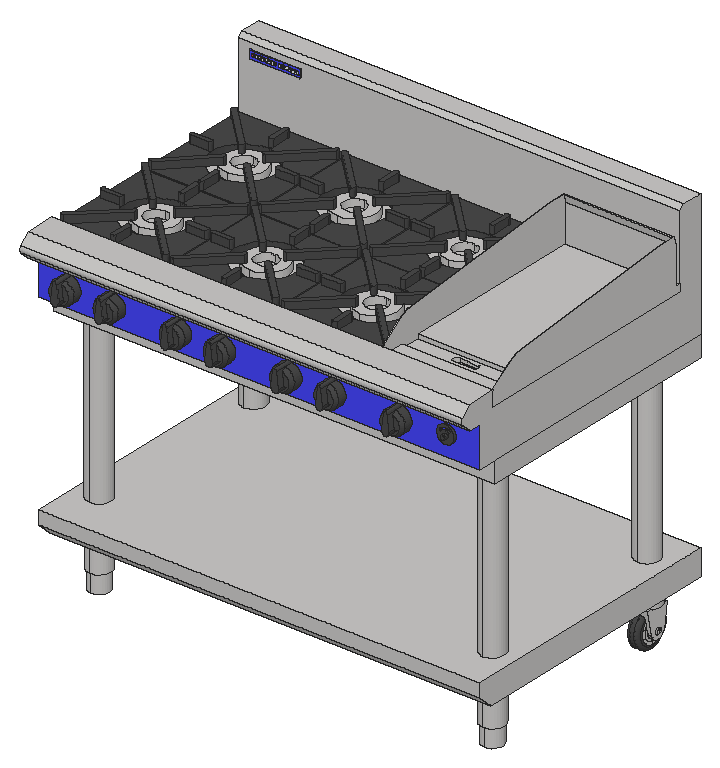
Revit family "QF_MOFFAT_BLUESEAL_CE_G518C-LS", category Specialty Equipment, Revit 2012
Parameters
  Width = 1200 mm
  Weight in Pounds = 347  # constant formula
  URL Cutsheet = "www.moffat.com"
  URL = "www.moffat.com"
  Type Mark [instance] = ""
  Status [instance] = ""
  Specification by User [instance] = ""
  Specification by Manufacturer = ""
  Show Logo [instance] = yes
  Show Casters [instance] = yes
  Serial Number = ""
  Seismic Rating = ""
  SMACNA No = ""
  Revision Code [instance] = ""
  Omniclass Number and Title = ""
  NAFEM Spec ID Number = ""
  Model = "G518C-LS"
  Mechanical Remarks = ""
  Mechanical Connection Type = ""
  Masterspec = ""
  Manufacturer = "MOFFAT BLUESEAL"
  Legs [instance] = not(Show Casters)  # no
  Item Number [instance] = ""
  Installed By [instance] = ""
  Identify Quantity as Lot [instance] = yes
  Gas Size = 3/4"
  Gas RI Height = 0 mm
  Gas KW = 52.2
  Gas Input = 178189.0 Btu/h
  Gas Connection Height = 0 mm
  Furnished By [instance] = ""
  Foodservice Equipment Identifier [instance] = yes
  Description = "1200MM GAS COOK TOP ON LEG STAND"
  Depth = 812 mm
  CSI MasterFormat = ""
  CSI Master Format = ""
  Base Height [instance] = 150 mm
Reference planes
  plane 1 "BACK": y = 0
  plane 2: z = 0
  plane 3 "LEFT": x = 0
  plane 4 "RIGHT": x = 1200
  plane 5 "FRONT": y = -812
  plane 6 "TOP": z = 970
  plane 7 "Center Y": x = 600
  plane 8 "Center X": y = -406
  plane 9 "Base Height": z = 150
  plane 10: z = 915
  plane 11: x = 1070
  plane 12: z = 1085
  plane 13: x = 65.354
  plane 14: y = -625
  plane 15: y = -100
  plane 16: z = 655
  plane 17: x = 1134.646
Forms (mm)
  Extrusion 1, solid, material "QF_Finishes_Stainless Steel"
    sketch origin (0, 0, 0) x (0, 1, 0) y (0, 0, 1)
      loop
        line (-749, 850) -> (-749, 740) -> (0, 740) -> (0, 1085) -> (-57.5, 1085) -> (-70, 1072.5) -> (-70, 875) -> (-705, 875) -> (-705, 915) -> (-783.97, 915) -> (-808.485, 890.485)
        arc (-808.485, 890.485) -> (-811.999, 882) -> (-808.485, 873.515) r 12
        line (-808.485, 873.515) -> (-784.97, 850) -> (-749, 850)
      loop
        line (0, 685) -> (0, 739.5) -> (-699, 739.5) -> (-699, 685) -> (0, 685)
      loop
        line (0, 222.5) -> (-749, 222.5) -> (-749, 186) -> (-713, 150) -> (0, 150) -> (0, 222.5)
    from 0 to 1200
  Revolve 2, solid, material "QF_Finishes_Black"
    sketch origin (90, 7, 600) x (0, 1, 0) y (0, 0, -1)
      loop
        line (-789, -229.5) -> (-766, -229.5) -> (-766, -202) -> (-756, -202) -> (-756, -197) -> (-800, -197) -> (-800, -223.651) -> (-789, -229.5)
      axis (-800, -197) -> (-756, -197)
    angle from 0 to 360
  Extrusion 3, solid, material "QF_Finishes_Black"
    sketch origin (90, -759, 797) x (0, 0, 1) y (1, 0, 0)
      loop
        arc (32.192, -4.965) -> (37.079, 0.034) -> (32.192, 5.033) r 5
        line (32.192, 5.033) -> (-10.726, 10.453)
        arc (-10.726, 10.453) -> (-22.392, 0.618) -> (-11.893, -10.454) r 10.487
        line (-11.893, -10.454) -> (32.192, -4.965)
    from 0 to -49
  Extrusion 4, solid, material "QF_Finishes_Stainless Steel"
    sketch origin (0, 0, 222.5) x (0, -1, 0) y (1, 0, 0)
      loop
        circle (100, 65) r 31.75
      loop
        circle (625, 65) r 31.75
      loop
        circle (100, 1135) r 31.75
      loop
        circle (625, 1135) r 31.75
    from 0 to 462.5
  Revolve 5, solid, material "QF_Finishes_Stainless Steel", visible <- "Legs"
    sketch origin (65.5, -166, 0) x (0, 1, 0) y (0, 0, 1)
      loop
        line (34.25, 150) -> (34.25, 50) -> (38.5, 50) -> (38.5, 0) -> (66, 0) -> (66, 150) -> (34.25, 150)
      axis (66, 150) -> (66, 0)
    angle from 0 to 360
  Revolve 6, solid, material "QF_Finishes_Stainless Steel"
    sketch origin (65.5, -735, 0) x (0, 1, 0) y (0, 0, 1)
      loop
        line (78.25, 150) -> (78.25, 50) -> (82.5, 50) -> (82.5, 0) -> (110, 0) -> (110, 150) -> (78.25, 150)
      axis (110, 150) -> (110, 0)
    angle from 0 to 360
  Revolve 7, solid, material "QF_Finishes_Stainless Steel", visible <- "Show Casters"
    sketch origin (16.276, -100.755, -12.8) x (1, 0, 0) y (0, 0, 1)
      loop
        line (14.841, 63.604) -> (83.584, 63.604) -> (83.584, 67.109) -> (82.314, 68.379) -> (80.79, 68.379) -> (80.79, 71.826) -> (68.644, 71.826) -> (68.644, 81.79) -> (65.088, 83.843) -> (63.738, 92.179) -> (65.881, 92.179) -> (65.881, 98.529) -> (65.088, 98.529) -> (65.088, 104.879)
        arc (65.088, 104.879) -> (62.298, 111.614) -> (55.563, 114.404) r 9.525
        line (55.563, 114.404) -> (42.863, 114.404)
        arc (42.863, 114.404) -> (36.127, 111.614) -> (33.338, 104.879) r 9.525
        line (33.338, 104.879) -> (33.338, 98.529) -> (32.544, 98.529) -> (32.544, 92.179) -> (34.687, 92.179) -> (33.352, 83.932) -> (29.782, 81.871) -> (29.782, 71.826) -> (17.635, 71.826) -> (17.635, 68.379) -> (16.111, 68.379) -> (14.841, 67.109) -> (14.841, 63.604)
      axis (14.841, 63.604) -> (83.584, 63.604)
    angle from 0 to 360
  Extrusion 8, solid, material "QF_Finishes_Stainless Steel", visible <- "Show Casters"
    sketch origin (72.001, 132.353, -8.783) x (0, 1, 0) y (0, 0, 1)
      loop
        line (-200.603, 118.783) -> (-264.103, 118.783) -> (-251.746, 53.895)
        arc (-251.746, 53.895) -> (-232.353, 38.783) -> (-212.959, 53.895) r 20
        line (-212.959, 53.895) -> (-200.603, 118.783)
    from -35.667 to 22.923
  Revolve 9, solid, material "QF_Finishes_Stainless Steel", visible <- "Show Casters"
    sketch origin (65.5, -204, 0) x (0, 1, 0) y (0, 0, 1)
      loop
        line (68.25, 150) -> (68.25, 110) -> (104, 110) -> (104, 150) -> (68.25, 150)
      axis (104, 150) -> (104, 110)
    angle from 0 to 360
  Revolve 10, solid, material "QF_Finishes_Stainless Steel", visible <- "Legs"
    sketch origin (65.5, -166, 0) x (0, 1, 0) y (0, 0, 1)
      loop
        line (34.25, 150) -> (34.25, 50) -> (38.5, 50) -> (38.5, 0) -> (66, 0) -> (66, 150) -> (34.25, 150)
      axis (66, 150) -> (66, 0)
    angle from 0 to 360
  Extrusion 11, solid, material "QF_Finishes_Stainless Steel"
    sketch origin (0, 0, 685) x (-1, 0, 0) y (0, 1, 0)
      loop
        circle (-1070, -32) r 6.35
    from 0 to 30
  Revolve 12, solid, material "QF_Finishes_Black"
    sketch origin (390, 7, 600) x (0, 1, 0) y (0, 0, -1)
      loop
        line (-789, -229.5) -> (-766, -229.5) -> (-766, -202) -> (-756, -202) -> (-756, -197) -> (-800, -197) -> (-800, -223.651) -> (-789, -229.5)
      axis (-800, -197) -> (-756, -197)
    angle from 0 to 360
  Extrusion 13, solid, material "QF_Finishes_Black"
    sketch origin (390, -759, 797) x (0, 0, 1) y (1, 0, 0)
      loop
        arc (32.192, -4.965) -> (37.079, 0.034) -> (32.192, 5.033) r 5
        line (32.192, 5.033) -> (-10.726, 10.453)
        arc (-10.726, 10.453) -> (-22.392, 0.618) -> (-11.893, -10.454) r 10.487
        line (-11.893, -10.454) -> (32.192, -4.965)
    from 0 to -49
  Revolve 14, solid, material "QF_Finishes_Black"
    sketch origin (690, 7, 600) x (0, 1, 0) y (0, 0, -1)
      loop
        line (-789, -229.5) -> (-766, -229.5) -> (-766, -202) -> (-756, -202) -> (-756, -197) -> (-800, -197) -> (-800, -223.651) -> (-789, -229.5)
      axis (-800, -197) -> (-756, -197)
    angle from 0 to 360
  Extrusion 15, solid, material "QF_Finishes_Black"
    sketch origin (690, -759, 797) x (0, 0, 1) y (1, 0, 0)
      loop
        arc (32.192, -4.965) -> (37.079, 0.034) -> (32.192, 5.033) r 5
        line (32.192, 5.033) -> (-10.726, 10.453)
        arc (-10.726, 10.453) -> (-22.392, 0.618) -> (-11.893, -10.454) r 10.487
        line (-11.893, -10.454) -> (32.192, -4.965)
    from 0 to -49
  Revolve 16, solid, material "QF_Finishes_Black"
    sketch origin (210, 7, 600) x (0, 1, 0) y (0, 0, -1)
      loop
        line (-789, -229.5) -> (-766, -229.5) -> (-766, -202) -> (-756, -202) -> (-756, -197) -> (-800, -197) -> (-800, -223.651) -> (-789, -229.5)
      axis (-800, -197) -> (-756, -197)
    angle from 0 to 360
  Extrusion 17, solid, material "QF_Finishes_Black"
    sketch origin (210, -759, 797) x (0, 0, 1) y (1, 0, 0)
      loop
        arc (32.192, -4.965) -> (37.079, 0.034) -> (32.192, 5.033) r 5
        line (32.192, 5.033) -> (-10.726, 10.453)
        arc (-10.726, 10.453) -> (-22.392, 0.618) -> (-11.893, -10.454) r 10.487
        line (-11.893, -10.454) -> (32.192, -4.965)
    from 0 to -49
  Revolve 18, solid, material "QF_Finishes_Stainless Steel", visible <- "Legs"
    sketch origin (1134.5, -166, 0) x (0, 1, 0) y (0, 0, -1)
      loop
        line (34.25, -150) -> (66, -150) -> (66, 0) -> (38.5, 0) -> (38.5, -50) -> (34.25, -50) -> (34.25, -150)
      axis (66, -150) -> (66, 0)
    angle from 0 to 360
  Revolve 19, solid, material "QF_Finishes_Stainless Steel"
    sketch origin (1134.5, -735, 0) x (0, 1, 0) y (0, 0, -1)
      loop
        line (78.25, -150) -> (110, -150) -> (110, 0) -> (82.5, 0) -> (82.5, -50) -> (78.25, -50) -> (78.25, -150)
      axis (110, -150) -> (110, 0)
    angle from 0 to 360
  Revolve 20, solid, material "QF_Finishes_Stainless Steel", visible <- "Show Casters"
    sketch origin (1183.724, -100.755, -12.8) x (-1, 0, 0) y (0, 0, -1)
      loop
        line (14.841, -63.604) -> (14.841, -67.109) -> (16.111, -68.379) -> (17.635, -68.379) -> (17.635, -71.826) -> (29.782, -71.826) -> (29.782, -81.871) -> (33.352, -83.932) -> (34.687, -92.179) -> (32.544, -92.179) -> (32.544, -98.529) -> (33.338, -98.529) -> (33.338, -104.879)
        arc (33.338, -104.879) -> (36.127, -111.614) -> (42.863, -114.404) r 9.525
        line (42.863, -114.404) -> (55.563, -114.404)
        arc (55.563, -114.404) -> (62.298, -111.614) -> (65.088, -104.879) r 9.525
        line (65.088, -104.879) -> (65.088, -98.529) -> (65.881, -98.529) -> (65.881, -92.179) -> (63.738, -92.179) -> (65.088, -83.843) -> (68.644, -81.79) -> (68.644, -71.826) -> (80.79, -71.826) -> (80.79, -68.379) -> (82.314, -68.379) -> (83.584, -67.109) -> (83.584, -63.604) -> (14.841, -63.604)
      axis (14.841, -63.604) -> (83.584, -63.604)
    angle from 0 to 360
  Extrusion 21, solid, material "QF_Finishes_Stainless Steel", visible <- "Show Casters"
    sketch origin (1127.999, 132.353, -8.783) x (0, 1, 0) y (0, 0, -1)
      loop
        line (-200.603, -118.783) -> (-212.959, -53.895)
        arc (-212.959, -53.895) -> (-232.353, -38.783) -> (-251.746, -53.895) r 20
        line (-251.746, -53.895) -> (-264.103, -118.783) -> (-200.603, -118.783)
    from -35.667 to 22.923
  Revolve 22, solid, material "QF_Finishes_Stainless Steel", visible <- "Show Casters"
    sketch origin (1134.5, -204, 0) x (0, 1, 0) y (0, 0, -1)
      loop
        line (68.25, -150) -> (104, -150) -> (104, -110) -> (68.25, -110) -> (68.25, -150)
      axis (104, -150) -> (104, -110)
    angle from 0 to 360
  Revolve 23, solid, material "QF_Finishes_Stainless Steel", visible <- "Legs"
    sketch origin (1134.5, -166, 0) x (0, 1, 0) y (0, 0, -1)
      loop
        line (34.25, -150) -> (66, -150) -> (66, 0) -> (38.5, 0) -> (38.5, -50) -> (34.25, -50) -> (34.25, -150)
      axis (66, -150) -> (66, 0)
    angle from 0 to 360
  Revolve 24, solid, material "QF_Finishes_Black"
    sketch origin (990, 7, 600) x (0, 1, 0) y (0, 0, -1)
      loop
        line (-789, -229.5) -> (-766, -229.5) -> (-766, -202) -> (-756, -202) -> (-756, -197) -> (-800, -197) -> (-800, -223.651) -> (-789, -229.5)
      axis (-800, -197) -> (-756, -197)
    angle from 0 to 360
  Extrusion 25, solid, material "QF_Finishes_Black"
    sketch origin (990, -759, 797) x (0, 0, 1) y (1, 0, 0)
      loop
        arc (32.192, -4.965) -> (37.079, 0.034) -> (32.192, 5.033) r 5
        line (32.192, 5.033) -> (-10.726, 10.453)
        arc (-10.726, 10.453) -> (-22.392, 0.618) -> (-11.893, -10.454) r 10.487
        line (-11.893, -10.454) -> (32.192, -4.965)
    from 0 to -49
  Revolve 26, solid, material "QF_Finishes_Black"
    sketch origin (510, 7, 600) x (0, 1, 0) y (0, 0, -1)
      loop
        line (-789, -229.5) -> (-766, -229.5) -> (-766, -202) -> (-756, -202) -> (-756, -197) -> (-800, -197) -> (-800, -223.651) -> (-789, -229.5)
      axis (-800, -197) -> (-756, -197)
    angle from 0 to 360
  Extrusion 27, solid, material "QF_Finishes_Black"
    sketch origin (510, -759, 797) x (0, 0, 1) y (1, 0, 0)
      loop
        arc (32.192, -4.965) -> (37.079, 0.034) -> (32.192, 5.033) r 5
        line (32.192, 5.033) -> (-10.726, 10.453)
        arc (-10.726, 10.453) -> (-22.392, 0.618) -> (-11.893, -10.454) r 10.487
        line (-11.893, -10.454) -> (32.192, -4.965)
    from 0 to -49
  Extrusion 28, solid, material "QF_Finishes_Black"
    sketch origin (0, -749, 850) x (0, 0, -1) y (1, 0, 0)
      loop
        circle (53, 1110) r 23.9
      loop
        arc (45.641, 1118.419) -> (46.501, 1123.219) -> (41.701, 1124.079) r 3.448
        arc (41.701, 1124.079) -> (35.116, 1109.341) -> (42.919, 1095.209) r 18.095
        arc (42.919, 1095.209) -> (47.641, 1096.491) -> (46.326, 1101.204) r 3.448
        arc (46.326, 1101.204) -> (42.758, 1109.683) -> (45.641, 1118.419) r 13.109
    from 0 to 5
  Extrusion 29, solid, material "QF_Finishes_Black"
    sketch origin (0, -754, 850) x (0, 0, -1) y (1, 0, 0)
      loop
        circle (56.5, 1110) r 5.75
    from 0 to 10
  Revolve 30, solid, material "QF_Finishes_Black"
    sketch origin (810, 7, 600) x (0, 1, 0) y (0, 0, -1)
      loop
        line (-789, -229.5) -> (-766, -229.5) -> (-766, -202) -> (-756, -202) -> (-756, -197) -> (-800, -197) -> (-800, -223.651) -> (-789, -229.5)
      axis (-800, -197) -> (-756, -197)
    angle from 0 to 360
  Extrusion 31, solid, material "QF_Finishes_Black"
    sketch origin (810, -759, 797) x (0, 0, 1) y (1, 0, 0)
      loop
        arc (32.192, -4.965) -> (37.079, 0.034) -> (32.192, 5.033) r 5
        line (32.192, 5.033) -> (-10.726, 10.453)
        arc (-10.726, 10.453) -> (-22.392, 0.618) -> (-11.893, -10.454) r 10.487
        line (-11.893, -10.454) -> (32.192, -4.965)
    from 0 to -49
Lines and regions (mm)
  Split face 1
    outline origin (0, -56.5, 1085) x (0, 1, 0) y (-1, 0, 0)
      loop
        line (11.115, -638.041) -> (11.115, -866)
        arc (11.115, -866) -> (16.115, -874.66) -> (26.115, -874.66) r 10
        line (26.115, -874.66) -> (33.115, -870.619)
        arc (33.115, -870.619) -> (36.775, -866.959) -> (38.115, -861.959) r 10
        line (38.115, -861.959) -> (38.115, -634)
        arc (38.115, -634) -> (33.115, -625.34) -> (23.115, -625.34) r 10
        line (23.115, -625.34) -> (16.115, -629.381)
        arc (16.115, -629.381) -> (12.455, -633.041) -> (11.115, -638.041) r 10
  Split face 2
    outline origin (0, -56.5, 1085) x (0, 1, 0) y (-1, 0, 0)
      loop
        line (38.115, -1151.959) -> (38.115, -924)
        arc (38.115, -924) -> (33.115, -915.34) -> (23.115, -915.34) r 10
        line (23.115, -915.34) -> (16.115, -919.381)
        arc (16.115, -919.381) -> (12.455, -923.041) -> (11.115, -928.041) r 10
        line (11.115, -928.041) -> (11.115, -1156)
        arc (11.115, -1156) -> (16.115, -1164.66) -> (26.115, -1164.66) r 10
        line (26.115, -1164.66) -> (33.115, -1160.619)
        arc (33.115, -1160.619) -> (36.775, -1156.959) -> (38.115, -1151.959) r 10
  Split face 3
    outline origin (0, -56.5, 1085) x (0, 1, 0) y (-1, 0, 0)
      loop
        line (11.115, -48.041) -> (11.115, -276)
        arc (11.115, -276) -> (16.115, -284.66) -> (26.115, -284.66) r 10
        line (26.115, -284.66) -> (33.115, -280.619)
        arc (33.115, -280.619) -> (36.775, -276.959) -> (38.115, -271.959) r 10
        line (38.115, -271.959) -> (38.115, -44)
        arc (38.115, -44) -> (33.115, -35.34) -> (23.115, -35.34) r 10
        line (23.115, -35.34) -> (16.115, -39.381)
        arc (16.115, -39.381) -> (12.455, -43.041) -> (11.115, -48.041) r 10
  Split face 4
    outline origin (0, -56.5, 1085) x (0, 1, 0) y (-1, 0, 0)
      loop
        arc (38.115, -344) -> (33.115, -335.34) -> (23.115, -335.34) r 10
        line (23.115, -335.34) -> (16.115, -339.381)
        arc (16.115, -339.381) -> (12.455, -343.041) -> (11.115, -348.041) r 10
        line (11.115, -348.041) -> (11.115, -576)
        arc (11.115, -576) -> (16.115, -584.66) -> (26.115, -584.66) r 10
        line (26.115, -584.66) -> (33.115, -580.619)
        arc (33.115, -580.619) -> (36.775, -576.959) -> (38.115, -571.959) r 10
        line (38.115, -571.959) -> (38.115, -344)
  symbolic lines, style "SpecialityEquipmentHiddenLines", visible <- "Show Casters"
    curve 1: line (78.456, -46.735, 0) -> (105.952, -62.61, 0)
    curve 2: line (27.656, -134.723, 0) -> (78.456, -46.735, 0)
    curve 3: line (55.152, -150.598, 0) -> (27.656, -134.723, 0)
    curve 4: line (105.952, -62.61, 0) -> (55.152, -150.598, 0)
    curve 5: line (1148.456, -46.735, 0) -> (1175.952, -62.61, 0)
    curve 6: line (1097.656, -134.723, 0) -> (1148.456, -46.735, 0)
    curve 7: line (1125.152, -150.598, 0) -> (1097.656, -134.723, 0)
    curve 8: line (1175.952, -62.61, 0) -> (1125.152, -150.598, 0)
  symbolic lines
    curve 9: line (0, -783.97, 0) -> (1200, -783.97, 0)
    curve 10: line (0, 0, 0) -> (0, -811.999, 0)
    curve 11: line (1200, -811.999, 0) -> (1200, 0, 0)
    curve 12: line (1200, -811.999, 0) -> (0, -811.999, 0)
    curve 13: line (0, -70, 0) -> (1200, -70, 0)
    curve 14: line (0, -57.5, 0) -> (1200, -57.5, 0)
    curve 15: line (1200, 0, 0) -> (0, 0, 0)
    curve 16: line (271.959, -18.385, 0) -> (44, -18.385, 0)
    curve 17: arc (44, -18.385, 0) -> (35.34, -23.385, 0) -> (35.34, -33.385, 0) r 10
    curve 18: line (35.34, -33.385, 0) -> (39.381, -40.385, 0)
    curve 19: arc (39.381, -40.385, 0) -> (43.041, -44.045, 0) -> (48.041, -45.385, 0) r 10
    curve 20: line (48.041, -45.385, 0) -> (276, -45.385, 0)
    curve 21: arc (276, -45.385, 0) -> (284.66, -40.385, 0) -> (284.66, -30.385, 0) r 10
    curve 22: line (284.66, -30.385, 0) -> (280.619, -23.385, 0)
    curve 23: arc (280.619, -23.385, 0) -> (276.959, -19.725, 0) -> (271.959, -18.385, 0) r 10
    curve 24: line (0, -705, 0) -> (1200, -705, 0)
    curve 25: line (571.959, -18.385, 0) -> (344, -18.385, 0)
    curve 26: arc (344, -18.385, 0) -> (335.34, -23.385, 0) -> (335.34, -33.385, 0) r 10
    curve 27: line (335.34, -33.385, 0) -> (339.381, -40.385, 0)
    curve 28: arc (339.381, -40.385, 0) -> (343.041, -44.045, 0) -> (348.041, -45.385, 0) r 10
    curve 29: line (348.041, -45.385, 0) -> (576, -45.385, 0)
    curve 30: arc (576, -45.385, 0) -> (584.66, -40.385, 0) -> (584.66, -30.385, 0) r 10
    curve 31: line (584.66, -30.385, 0) -> (580.619, -23.385, 0)
    curve 32: arc (580.619, -23.385, 0) -> (576.959, -19.725, 0) -> (571.959, -18.385, 0) r 10
    curve 33: line (861.959, -18.385, 0) -> (634, -18.385, 0)
    curve 34: arc (634, -18.385, 0) -> (625.34, -23.385, 0) -> (625.34, -33.385, 0) r 10
    curve 35: line (625.34, -33.385, 0) -> (629.381, -40.385, 0)
    curve 36: arc (629.381, -40.385, 0) -> (633.041, -44.045, 0) -> (638.041, -45.385, 0) r 10
    curve 37: line (638.041, -45.385, 0) -> (866, -45.385, 0)
    curve 38: arc (866, -45.385, 0) -> (874.66, -40.385, 0) -> (874.66, -30.385, 0) r 10
    curve 39: line (874.66, -30.385, 0) -> (870.619, -23.385, 0)
    curve 40: arc (870.619, -23.385, 0) -> (866.959, -19.725, 0) -> (861.959, -18.385, 0) r 10
    curve 41: line (924, -18.385, 0) -> (1151.959, -18.385, 0)
    curve 42: arc (1151.959, -18.385, 0) -> (1156.959, -19.725, 0) -> (1160.619, -23.385, 0) r 10
    curve 43: line (1160.619, -23.385, 0) -> (1164.66, -30.385, 0)
    curve 44: arc (1164.66, -30.385, 0) -> (1164.66, -40.385, 0) -> (1156, -45.385, 0) r 10
    curve 45: line (1156, -45.385, 0) -> (928.041, -45.385, 0)
    curve 46: arc (928.041, -45.385, 0) -> (923.041, -44.045, 0) -> (919.381, -40.385, 0) r 10
    curve 47: line (919.381, -40.385, 0) -> (915.34, -33.385, 0)
    curve 48: arc (915.34, -33.385, 0) -> (915.34, -23.385, 0) -> (924, -18.385, 0) r 10
Dimensions and locks
  equal spacing: plane 3 "LEFT", plane 7 "Center Y", plane 4 "RIGHT"
  "Width": plane 3 "LEFT" to plane 4 "RIGHT"
  equal spacing: plane 5 "FRONT", plane 8 "Center X", plane 1 "BACK"
  "Depth": plane 5 "FRONT" to plane 1 "BACK"
  equal spacing: plane 4 "RIGHT", plane 7 "Center Y", plane 3 "LEFT"
  plane 4 "RIGHT" to plane 3 "LEFT" = 1200 mm
  plane 5 "FRONT" to plane 1 "BACK" = 812 mm
  "Base Height": plane 9 "Base Height" to level
  plane 6 "TOP" to level = 970 mm
  plane 10 to level = 915 mm
  plane 11 to plane 4 "RIGHT" = 130 mm
  plane 12 to plane 2 = 1085 mm
  Revolve 7 sketch curve to Revolve 7 sketch curve = 50.8 mm
  plane 15 to plane 14 = 525 mm
  plane 16 to plane 2 = 655 mm
  Extrusion 11 sketch curve to plane 1 "BACK" = 32 mm
  Revolve 20 sketch curve to Revolve 20 sketch curve = 50.8 mm
  aligned and locked: level to plane 2
Automatic sketch dimensions
  curve 10 to plane 3 "LEFT" = 0 mm
  curve 24 to plane 4 "RIGHT" = 0 mm
  plane 1 "BACK" to curve 15 = 0 mm
  plane 3 "LEFT" to curve 3 = 27.656 mm
  plane 13 to curve 18 = 30.014 mm
  curve 17 to curve 19 = 4.041 mm
  curve 17 to curve 17 = 8.66 mm
  curve 18 to curve 20 = 8.66 mm
  plane 13 to curve 3 = 10.202 mm
  curve 1 to plane 13 = 13.102 mm
  plane 1 "BACK" to curve 16 = 18.385 mm
  curve 1 to curve 16 = 166.007 mm
  curve 23 to curve 21 = 4.041 mm
  curve 23 to curve 23 = 8.66 mm
  plane 1 "BACK" to curve 22 = 30.385 mm
  curve 23 to curve 22 = 4.041 mm
  curve 22 to curve 26 = 50.679 mm
  plane 1 "BACK" to curve 27 = 40.385 mm
  curve 27 to curve 27 = 4.041 mm
  curve 26 to curve 26 = 8.66 mm
  curve 26 to curve 28 = 4.041 mm
  curve 32 to plane 7 "Center Y" = 28.041 mm
  curve 32 to curve 29 = 4.041 mm
  curve 32 to curve 31 = 8.66 mm
  curve 32 to curve 30 = 4.041 mm
  plane 7 "Center Y" to curve 35 = 25.34 mm
  curve 35 to curve 35 = 4.041 mm
  curve 34 to curve 34 = 8.66 mm
  curve 35 to curve 37 = 8.66 mm
  plane 1 "BACK" to curve 33 = 18.385 mm
  curve 33 to plane 11 = 208.041 mm
  curve 40 to curve 37 = 4.041 mm
  plane 1 "BACK" to curve 39 = 23.385 mm
  curve 33 to curve 39 = 8.66 mm
  plane 1 "BACK" to curve 39 = 30.385 mm
  curve 39 to curve 39 = 4.041 mm
  curve 38 to curve 48 = 40.679 mm
  plane 1 "BACK" to curve 47 = 40.385 mm
  curve 47 to curve 47 = 4.041 mm
  curve 48 to curve 48 = 8.66 mm
  curve 47 to curve 46 = 8.66 mm
  plane 11 to curve 6 = 27.656 mm
  curve 7 to plane 17 = 9.494 mm
  plane 17 to curve 6 = 13.809 mm
  plane 17 to curve 41 = 17.312 mm
  curve 42 to curve 44 = 4.041 mm
  curve 42 to curve 43 = 8.66 mm
  curve 42 to curve 43 = 4.041 mm
  curve 19 to curve 16 = 22 mm
  plane 1 "BACK" to curve 30 = 45.385 mm
  curve 21 to curve 21 = 15 mm
  plane 1 "BACK" to curve 44 = 45.385 mm
  curve 38 to curve 39 = 15 mm
  curve 2 to curve 19 = 1.35 mm
  curve 5 to curve 45 = 1.35 mm
  curve 14 to plane 15 = 42.5 mm
  curve 8 to curve 14 = 5.11 mm
  curve 4 to curve 1 = 15.875 mm
  curve 13 to curve 14 = 12.5 mm
  plane 14 to curve 24 = 80 mm
  curve 9 to plane 5 "FRONT" = 28.03 mm
  curve 10 to plane 5 "FRONT" = 0.001 mm
  curve 37 to curve 35 = 5 mm
  curve 45 to curve 44 = 10 mm
  curve 29 to curve 30 = 10 mm
  curve 18 to curve 17 = 7 mm
  curve 46 to curve 47 = 7 mm
  curve 28 to curve 26 = 7 mm  (x2)
  curve 36 to curve 35 = 7 mm
  curve 46 to curve 48 = 7 mm
  curve 44 to curve 42 = 7 mm
  curve 30 to curve 32 = 7 mm
  curve 21 to curve 23 = 7 mm
  plane 10 to Extrusion 1 sketch curve = 0 mm
  Extrusion 1 sketch curve to plane 9 "Base Height" = 0 mm
  plane 12 to Extrusion 1 sketch curve = 0 mm
  Extrusion 1 sketch curve to plane 1 "BACK" = 0 mm  (x3)
  Extrusion 1 sketch curve to plane 15 = 42.5 mm
  plane 12 to Extrusion 1 sketch curve = 12.5 mm
  Extrusion 1 sketch curve to Extrusion 1 sketch curve = 12.5 mm
  plane 16 to Extrusion 1 sketch curve = 30 mm
  plane 14 to Extrusion 1 sketch curve = 74 mm
  plane 14 to Extrusion 1 sketch curve = 80 mm
  plane 14 to Extrusion 1 sketch curve = 88 mm
  Extrusion 1 sketch curve to Extrusion 1 sketch curve = 44 mm
  Extrusion 1 sketch curve to Extrusion 1 sketch curve = 36 mm
  Extrusion 1 sketch curve to plane 5 "FRONT" = 28.03 mm
  Extrusion 1 sketch curve to plane 5 "FRONT" = 27.03 mm
  Extrusion 1 sketch curve to plane 5 "FRONT" = 12.001 mm
  Extrusion 1 sketch curve to plane 5 "FRONT" = 3.515 mm  (x2)
  plane 9 "Base Height" to Extrusion 1 sketch curve = 36 mm
  plane 9 "Base Height" to Extrusion 1 sketch curve = 72.5 mm
  Extrusion 1 sketch curve to Extrusion 1 sketch curve = 54.5 mm
  Extrusion 1 sketch curve to Extrusion 1 sketch curve = 0.5 mm
  plane 10 to Extrusion 1 sketch curve = 65 mm
  Extrusion 1 sketch curve to Extrusion 1 sketch curve = 23.515 mm
  plane 10 to Extrusion 1 sketch curve = 40 mm
  Extrusion 1 sketch curve to Extrusion 1 sketch curve = 8.485 mm
  Revolve 2 sketch curve to plane 5 "FRONT" = 19 mm
  Revolve 2 sketch curve to Revolve 2 sketch curve = 0 mm  (x2)
  Revolve 2 sketch curve to Revolve 2 sketch curve = 11 mm
  Revolve 2 sketch curve to Revolve 2 sketch curve = 12.7 mm
  Revolve 2 sketch curve to Revolve 2 sketch curve = 23 mm
  Revolve 2 sketch curve to Revolve 2 sketch curve = 10 mm
  plane 10 to Revolve 2 sketch curve = 85.5 mm
  Revolve 2 sketch curve to Revolve 2 sketch curve = 5.849 mm
  Revolve 2 sketch curve to Revolve 2 sketch curve = 27.5 mm
  Revolve 2 sketch curve to Revolve 2 sketch curve = 5 mm
  Extrusion 3 sketch curve to Revolve 2 = 0.034 mm  (x2)
  Revolve 2 to Extrusion 3 sketch curve = 10.454 mm
  Extrusion 3 sketch curve to Extrusion 3 sketch curve = 0.028 mm
  Extrusion 3 sketch curve to Revolve 2 = 10.453 mm
  Extrusion 3 sketch curve to Extrusion 3 sketch curve = 44 mm
  Extrusion 3 sketch curve to Revolve 2 = 5.033 mm
  Extrusion 3 sketch curve to Extrusion 3 sketch curve = 0.113 mm
  Revolve 2 to Extrusion 3 sketch curve = 4.965 mm
  Extrusion 4 sketch curve to Extrusion 4 sketch curve = 0 mm  (x8)
  Extrusion 1 to Extrusion 4 sketch curve = 68.25 mm  (x2)
  Extrusion 4 sketch curve to Extrusion 4 sketch curve = 31.75 mm  (x4)
  Extrusion 4 sketch curve to Extrusion 1 = 155.75 mm  (x2)
  Extrusion 1 to Extrusion 4 sketch curve = 65 mm  (x4)
  Revolve 5 sketch curve to plane 9 "Base Height" = 0 mm
  Revolve 5 sketch curve to level = 0 mm
  Revolve 5 sketch curve to plane 15 = 0 mm  (x2)
  plane 15 to Revolve 5 sketch curve = 27.5 mm
  plane 15 to Revolve 5 sketch curve = 31.75 mm
  Revolve 5 sketch curve to Revolve 5 sketch curve = 55 mm
  level to Revolve 5 sketch curve = 50 mm
  Revolve 5 sketch curve to Revolve 5 sketch curve = 0 mm
  Revolve 6 sketch curve to plane 9 "Base Height" = 0 mm
  Revolve 6 sketch curve to level = 0 mm
  Revolve 6 sketch curve to plane 14 = 0 mm  (x2)
  Revolve 6 sketch curve to Revolve 6 sketch curve = 27.5 mm
  Revolve 6 sketch curve to Revolve 6 sketch curve = 31.75 mm
  Revolve 6 sketch curve to Revolve 6 sketch curve = 55 mm
  level to Revolve 6 sketch curve = 50 mm
  Revolve 6 sketch curve to Revolve 6 sketch curve = 0 mm
  plane 3 "LEFT" to Revolve 7 sketch curve = 31.118 mm
  Revolve 7 sketch curve to Revolve 7 sketch curve = 1.27 mm  (x4)
  Revolve 7 sketch curve to Revolve 7 sketch curve = 1.524 mm  (x2)
  Revolve 7 sketch curve to Revolve 7 sketch curve = 12.146 mm  (x2)
  plane 13 to Revolve 7 sketch curve = 16.533 mm
  Revolve 7 sketch curve to Revolve 7 sketch curve = 0.794 mm  (x2)
  Revolve 7 sketch curve to Revolve 7 sketch curve = 3.57 mm
  Revolve 7 sketch curve to Revolve 7 sketch curve = 2.143 mm
  plane 13 to Revolve 7 sketch curve = 6.215 mm
  Revolve 7 sketch curve to plane 13 = 5.276 mm
  Revolve 7 sketch curve to plane 13 = 6.485 mm
  Revolve 7 sketch curve to plane 13 = 14.661 mm
  Revolve 7 sketch curve to Revolve 7 sketch curve = 1.349 mm  (x2)
  Revolve 7 sketch curve to Revolve 7 sketch curve = 3.556 mm
  Revolve 7 sketch curve to Revolve 7 sketch curve = 33.32 mm
  level to Revolve 7 sketch curve = 50.804 mm
  Revolve 7 sketch curve to Revolve 7 sketch curve = 0 mm
  Revolve 7 sketch curve to Revolve 7 sketch curve = 3.505 mm  (x2)
  Revolve 7 sketch curve to Revolve 7 sketch curve = 3.447 mm  (x2)
  Revolve 7 sketch curve to Revolve 7 sketch curve = 9.964 mm
  Revolve 7 sketch curve to Revolve 7 sketch curve = 10.045 mm
  Revolve 7 sketch curve to Revolve 7 sketch curve = 2.053 mm
  Revolve 7 sketch curve to Revolve 7 sketch curve = 2.061 mm
  Revolve 7 sketch curve to Revolve 7 sketch curve = 8.247 mm
  Revolve 7 sketch curve to Revolve 7 sketch curve = 8.336 mm
  Revolve 7 sketch curve to Revolve 7 sketch curve = 6.35 mm  (x2)
  Extrusion 8 sketch curve to plane 15 = 0 mm
  plane 15 to Extrusion 8 sketch curve = 19.393 mm
  plane 15 to Extrusion 8 sketch curve = 31.75 mm
  Extrusion 8 sketch curve to plane 15 = 19.393 mm
  Extrusion 8 sketch curve to plane 15 = 31.75 mm
  level to Extrusion 8 sketch curve = 45.111 mm
  Extrusion 8 sketch curve to Extrusion 8 sketch curve = 4.889 mm
  Extrusion 8 sketch curve to plane 9 "Base Height" = 40 mm
  Revolve 9 sketch curve to plane 9 "Base Height" = 0 mm
  Revolve 9 sketch curve to plane 15 = 0 mm  (x2)
  plane 15 to Revolve 9 sketch curve = 35.75 mm
  Revolve 9 sketch curve to Revolve 9 sketch curve = 40 mm
  level to Revolve 9 sketch curve = 50 mm
  Revolve 9 sketch curve to level = 55 mm
  Revolve 10 sketch curve to plane 9 "Base Height" = 0 mm
  Revolve 10 sketch curve to level = 0 mm
  Revolve 10 sketch curve to plane 15 = 0 mm  (x2)
  plane 15 to Revolve 10 sketch curve = 27.5 mm
  plane 15 to Revolve 10 sketch curve = 31.75 mm
  Revolve 10 sketch curve to Revolve 10 sketch curve = 55 mm
  level to Revolve 10 sketch curve = 50 mm
  Revolve 10 sketch curve to Revolve 10 sketch curve = 0 mm
  Extrusion 11 sketch curve to Extrusion 11 sketch curve = 0 mm
  Extrusion 11 sketch curve to Extrusion 1 = 38.35 mm
  Extrusion 11 sketch curve to Extrusion 1 = 130 mm
  Split face 1 sketch curve to Extrusion 1 = 12.115 mm
  Split face 1 sketch curve to Split face 1 sketch curve = 5 mm  (x3)
  Split face 1 sketch curve to Split face 1 sketch curve = 10 mm  (x2)
  Split face 1 sketch curve to Split face 1 sketch curve = 7 mm  (x4)
  Split face 1 sketch curve to Extrusion 1 = 325.34 mm
  Split face 1 sketch curve to Split face 1 sketch curve = 4.041 mm  (x2)
  Split face 1 sketch curve to Split face 1 sketch curve = 223.917 mm
  Split face 2 sketch curve to Extrusion 1 = 12.115 mm
  Split face 2 sketch curve to Split face 2 sketch curve = 5 mm  (x3)
  Split face 2 sketch curve to Split face 2 sketch curve = 10 mm  (x2)
  Split face 2 sketch curve to Split face 2 sketch curve = 7 mm  (x4)
  Split face 2 sketch curve to Extrusion 1 = 35.34 mm
  Split face 2 sketch curve to Split face 2 sketch curve = 4.041 mm  (x2)
  Split face 2 sketch curve to Split face 2 sketch curve = 223.917 mm
  Split face 3 sketch curve to Extrusion 1 = 12.115 mm
  Split face 3 sketch curve to Split face 3 sketch curve = 5 mm  (x3)
  Split face 3 sketch curve to Split face 3 sketch curve = 10 mm  (x2)
  Split face 3 sketch curve to Split face 3 sketch curve = 7 mm  (x4)
  Split face 3 sketch curve to Extrusion 1 = 284.66 mm
  Split face 3 sketch curve to Split face 3 sketch curve = 4.041 mm  (x2)
  Split face 3 sketch curve to Extrusion 1 = 48.041 mm
  Revolve 12 sketch curve to plane 5 "FRONT" = 19 mm
  Revolve 12 sketch curve to Revolve 12 sketch curve = 0 mm  (x2)
  Revolve 12 sketch curve to Revolve 12 sketch curve = 11 mm
  Revolve 12 sketch curve to Revolve 12 sketch curve = 12.7 mm
  Revolve 12 sketch curve to Revolve 12 sketch curve = 23 mm
  Revolve 12 sketch curve to Revolve 12 sketch curve = 10 mm
  plane 10 to Revolve 12 sketch curve = 85.5 mm
  Revolve 12 sketch curve to Revolve 12 sketch curve = 5.849 mm
  Revolve 12 sketch curve to Revolve 12 sketch curve = 27.5 mm
  Revolve 12 sketch curve to Revolve 12 sketch curve = 5 mm
  Extrusion 13 sketch curve to Revolve 12 = 0.034 mm  (x2)
  Revolve 12 to Extrusion 13 sketch curve = 10.454 mm
  Extrusion 13 sketch curve to Extrusion 13 sketch curve = 0.028 mm
  Extrusion 13 sketch curve to Revolve 12 = 10.453 mm
  Extrusion 13 sketch curve to Extrusion 13 sketch curve = 44 mm
  Extrusion 13 sketch curve to Revolve 12 = 5.033 mm
  Extrusion 13 sketch curve to Extrusion 13 sketch curve = 0.113 mm
  Revolve 12 to Extrusion 13 sketch curve = 4.965 mm
  Revolve 14 sketch curve to plane 5 "FRONT" = 19 mm
  Revolve 14 sketch curve to Revolve 14 sketch curve = 0 mm  (x2)
  Revolve 14 sketch curve to Revolve 14 sketch curve = 11 mm
  Revolve 14 sketch curve to Revolve 14 sketch curve = 12.7 mm
  Revolve 14 sketch curve to Revolve 14 sketch curve = 23 mm
  Revolve 14 sketch curve to Revolve 14 sketch curve = 10 mm
  plane 10 to Revolve 14 sketch curve = 85.5 mm
  Revolve 14 sketch curve to Revolve 14 sketch curve = 5.849 mm
  Revolve 14 sketch curve to Revolve 14 sketch curve = 27.5 mm
  Revolve 14 sketch curve to Revolve 14 sketch curve = 5 mm
  Extrusion 15 sketch curve to Revolve 14 = 0.034 mm  (x2)
  Revolve 14 to Extrusion 15 sketch curve = 10.454 mm
  Extrusion 15 sketch curve to Extrusion 15 sketch curve = 0.028 mm
  Extrusion 15 sketch curve to Revolve 14 = 10.453 mm
  Extrusion 15 sketch curve to Extrusion 15 sketch curve = 44 mm
  Extrusion 15 sketch curve to Revolve 14 = 5.033 mm
  Extrusion 15 sketch curve to Extrusion 15 sketch curve = 0.113 mm
  Revolve 14 to Extrusion 15 sketch curve = 4.965 mm
  Revolve 16 sketch curve to plane 5 "FRONT" = 19 mm
  Revolve 16 sketch curve to Revolve 16 sketch curve = 0 mm  (x2)
  Revolve 16 sketch curve to Revolve 16 sketch curve = 11 mm
  Revolve 16 sketch curve to Revolve 16 sketch curve = 12.7 mm
  Revolve 16 sketch curve to Revolve 16 sketch curve = 23 mm
  Revolve 16 sketch curve to Revolve 16 sketch curve = 10 mm
  plane 10 to Revolve 16 sketch curve = 85.5 mm
  Revolve 16 sketch curve to Revolve 16 sketch curve = 5.849 mm
  Revolve 16 sketch curve to Revolve 16 sketch curve = 27.5 mm
  Revolve 16 sketch curve to Revolve 16 sketch curve = 5 mm
  Extrusion 17 sketch curve to Revolve 16 = 0.034 mm  (x2)
  Revolve 16 to Extrusion 17 sketch curve = 10.454 mm
  Extrusion 17 sketch curve to Extrusion 17 sketch curve = 0.028 mm
  Extrusion 17 sketch curve to Revolve 16 = 10.453 mm
  Extrusion 17 sketch curve to Extrusion 17 sketch curve = 44 mm
  Extrusion 17 sketch curve to Revolve 16 = 5.033 mm
  Extrusion 17 sketch curve to Extrusion 17 sketch curve = 0.113 mm
  Revolve 16 to Extrusion 17 sketch curve = 4.965 mm
  Revolve 18 sketch curve to plane 9 "Base Height" = 0 mm
  Revolve 18 sketch curve to level = 0 mm
  Revolve 18 sketch curve to plane 15 = 0 mm  (x2)
  plane 15 to Revolve 18 sketch curve = 27.5 mm
  plane 15 to Revolve 18 sketch curve = 31.75 mm
  level to Revolve 18 sketch curve = 50 mm
  Revolve 18 sketch curve to Revolve 18 sketch curve = 0 mm
  Revolve 18 sketch curve to Revolve 18 sketch curve = 55 mm
  Revolve 19 sketch curve to plane 9 "Base Height" = 0 mm
  Revolve 19 sketch curve to level = 0 mm
  Revolve 19 sketch curve to plane 14 = 0 mm  (x2)
  Revolve 19 sketch curve to Revolve 19 sketch curve = 27.5 mm
  Revolve 19 sketch curve to Revolve 19 sketch curve = 31.75 mm
  level to Revolve 19 sketch curve = 50 mm
  Revolve 19 sketch curve to Revolve 19 sketch curve = 0 mm
  Revolve 19 sketch curve to Revolve 19 sketch curve = 55 mm
  plane 4 "RIGHT" to Revolve 20 sketch curve = 31.118 mm
  Revolve 20 sketch curve to Revolve 20 sketch curve = 1.27 mm  (x4)
  Revolve 20 sketch curve to Revolve 20 sketch curve = 1.524 mm  (x2)
  Revolve 20 sketch curve to Revolve 20 sketch curve = 12.146 mm  (x2)
  plane 17 to Revolve 20 sketch curve = 16.533 mm
  Revolve 20 sketch curve to Revolve 20 sketch curve = 0.794 mm  (x2)
  Revolve 20 sketch curve to Revolve 20 sketch curve = 3.57 mm
  Revolve 20 sketch curve to Revolve 20 sketch curve = 2.143 mm
  plane 17 to Revolve 20 sketch curve = 6.215 mm
  Revolve 20 sketch curve to plane 17 = 5.276 mm
  Revolve 20 sketch curve to plane 17 = 6.485 mm
  Revolve 20 sketch curve to plane 17 = 14.661 mm
  Revolve 20 sketch curve to Revolve 20 sketch curve = 1.349 mm  (x2)
  Revolve 20 sketch curve to Revolve 20 sketch curve = 3.556 mm
  Revolve 20 sketch curve to plane 11 = 3.18 mm
  Revolve 20 sketch curve to plane 9 "Base Height" = 48.396 mm
  Revolve 20 sketch curve to Revolve 20 sketch curve = 6.35 mm  (x4)
  Revolve 20 sketch curve to Revolve 20 sketch curve = 8.247 mm
  Revolve 20 sketch curve to Revolve 20 sketch curve = 8.336 mm
  Revolve 20 sketch curve to Revolve 20 sketch curve = 2.061 mm
  Revolve 20 sketch curve to Revolve 20 sketch curve = 2.053 mm
  Revolve 20 sketch curve to Revolve 20 sketch curve = 10.045 mm
  Revolve 20 sketch curve to Revolve 20 sketch curve = 9.964 mm
  Revolve 20 sketch curve to Revolve 20 sketch curve = 3.447 mm  (x2)
  Revolve 20 sketch curve to Revolve 20 sketch curve = 3.505 mm
  Extrusion 21 sketch curve to plane 15 = 0 mm
  plane 15 to Extrusion 21 sketch curve = 19.393 mm
  plane 15 to Extrusion 21 sketch curve = 31.75 mm
  Extrusion 21 sketch curve to plane 15 = 19.393 mm
  Extrusion 21 sketch curve to plane 15 = 31.75 mm
  Extrusion 21 sketch curve to plane 9 "Base Height" = 40 mm
  level to Extrusion 21 sketch curve = 50 mm
  Extrusion 21 sketch curve to Extrusion 21 sketch curve = 4.889 mm
  Revolve 22 sketch curve to plane 9 "Base Height" = 0 mm
  Revolve 22 sketch curve to plane 15 = 0 mm  (x2)
  plane 15 to Revolve 22 sketch curve = 35.75 mm
  Revolve 22 sketch curve to Revolve 22 sketch curve = 40 mm
  level to Revolve 22 sketch curve = 50 mm
  Revolve 22 sketch curve to level = 55 mm
  Revolve 23 sketch curve to plane 9 "Base Height" = 0 mm
  Revolve 23 sketch curve to level = 0 mm
  Revolve 23 sketch curve to plane 15 = 0 mm  (x2)
  plane 15 to Revolve 23 sketch curve = 27.5 mm
  plane 15 to Revolve 23 sketch curve = 31.75 mm
  level to Revolve 23 sketch curve = 50 mm
  Revolve 23 sketch curve to Revolve 23 sketch curve = 0 mm
  Revolve 23 sketch curve to Revolve 23 sketch curve = 55 mm
  Split face 4 sketch curve to Extrusion 1 = 12.115 mm
  Split face 4 sketch curve to Split face 4 sketch curve = 5 mm  (x4)
  Split face 4 sketch curve to Split face 4 sketch curve = 10 mm
  Split face 4 sketch curve to Split face 4 sketch curve = 7 mm  (x4)
  Split face 4 sketch curve to Extrusion 1 = 584.66 mm
  Split face 4 sketch curve to Split face 4 sketch curve = 4.041 mm  (x2)
  Split face 4 sketch curve to Split face 4 sketch curve = 223.917 mm
  Revolve 24 sketch curve to plane 5 "FRONT" = 19 mm
  Revolve 24 sketch curve to Revolve 24 sketch curve = 0 mm  (x2)
  Revolve 24 sketch curve to Revolve 24 sketch curve = 11 mm
  Revolve 24 sketch curve to Revolve 24 sketch curve = 12.7 mm
  Revolve 24 sketch curve to Revolve 24 sketch curve = 23 mm
  Revolve 24 sketch curve to Revolve 24 sketch curve = 10 mm
  plane 10 to Revolve 24 sketch curve = 85.5 mm
  Revolve 24 sketch curve to Revolve 24 sketch curve = 5.849 mm
  Revolve 24 sketch curve to Revolve 24 sketch curve = 27.5 mm
  Revolve 24 sketch curve to Revolve 24 sketch curve = 5 mm
  Extrusion 25 sketch curve to Revolve 24 = 0.034 mm  (x2)
  Revolve 24 to Extrusion 25 sketch curve = 10.454 mm
  Extrusion 25 sketch curve to Extrusion 25 sketch curve = 0.028 mm
  Extrusion 25 sketch curve to Revolve 24 = 10.453 mm
  Extrusion 25 sketch curve to Extrusion 25 sketch curve = 44 mm
  Extrusion 25 sketch curve to Revolve 24 = 5.033 mm
  Extrusion 25 sketch curve to Extrusion 25 sketch curve = 0.113 mm
  Revolve 24 to Extrusion 25 sketch curve = 4.965 mm
  Revolve 26 sketch curve to plane 5 "FRONT" = 19 mm
  Revolve 26 sketch curve to Revolve 26 sketch curve = 0 mm  (x2)
  Revolve 26 sketch curve to Revolve 26 sketch curve = 11 mm
  Revolve 26 sketch curve to Revolve 26 sketch curve = 12.7 mm
  Revolve 26 sketch curve to Revolve 26 sketch curve = 23 mm
  Revolve 26 sketch curve to Revolve 26 sketch curve = 10 mm
  plane 10 to Revolve 26 sketch curve = 85.5 mm
  Revolve 26 sketch curve to Revolve 26 sketch curve = 5.849 mm
  Revolve 26 sketch curve to Revolve 26 sketch curve = 27.5 mm
  Revolve 26 sketch curve to Revolve 26 sketch curve = 5 mm
  Extrusion 27 sketch curve to Revolve 26 = 0.034 mm  (x2)
  Revolve 26 to Extrusion 27 sketch curve = 10.454 mm
  Extrusion 27 sketch curve to Extrusion 27 sketch curve = 0.028 mm
  Extrusion 27 sketch curve to Revolve 26 = 10.453 mm
  Extrusion 27 sketch curve to Extrusion 27 sketch curve = 44 mm
  Extrusion 27 sketch curve to Revolve 26 = 5.033 mm
  Extrusion 27 sketch curve to Extrusion 27 sketch curve = 0.113 mm
  Revolve 26 to Extrusion 27 sketch curve = 4.965 mm
  Extrusion 28 sketch curve to plane 17 = 10.567 mm
  plane 10 to Extrusion 28 sketch curve = 106.701 mm
  Extrusion 28 sketch curve to Extrusion 28 sketch curve = 1.218 mm
  Extrusion 28 sketch curve to Extrusion 28 sketch curve = 1.97 mm  (x2)
  Extrusion 28 sketch curve to Extrusion 28 sketch curve = 1.724 mm
  Extrusion 28 sketch curve to Extrusion 28 sketch curve = 1.683 mm
  Extrusion 28 sketch curve to Extrusion 28 sketch curve = 6.674 mm
  Extrusion 28 sketch curve to Extrusion 28 sketch curve = 0.195 mm
  Extrusion 28 sketch curve to Extrusion 28 sketch curve = 2.662 mm
  Extrusion 28 sketch curve to Extrusion 28 sketch curve = 2.83 mm
  Extrusion 28 sketch curve to Extrusion 28 sketch curve = 8.215 mm
  Extrusion 28 sketch curve to Extrusion 28 sketch curve = 0.102 mm
  Extrusion 28 sketch curve to Extrusion 28 sketch curve = 0.103 mm
  Revolve 30 sketch curve to plane 5 "FRONT" = 19 mm
  Revolve 30 sketch curve to Revolve 30 sketch curve = 0 mm  (x2)
  Revolve 30 sketch curve to Revolve 30 sketch curve = 11 mm
  Revolve 30 sketch curve to Revolve 30 sketch curve = 12.7 mm
  Revolve 30 sketch curve to Revolve 30 sketch curve = 23 mm
  Revolve 30 sketch curve to Revolve 30 sketch curve = 10 mm
  plane 10 to Revolve 30 sketch curve = 85.5 mm
  Revolve 30 sketch curve to Revolve 30 sketch curve = 5.849 mm
  Revolve 30 sketch curve to Revolve 30 sketch curve = 27.5 mm
  Revolve 30 sketch curve to Revolve 30 sketch curve = 5 mm
  Extrusion 31 sketch curve to Revolve 30 = 0.034 mm  (x2)
  Revolve 30 to Extrusion 31 sketch curve = 10.454 mm
  Extrusion 31 sketch curve to Extrusion 31 sketch curve = 0.028 mm
  Extrusion 31 sketch curve to Revolve 30 = 10.453 mm
  Extrusion 31 sketch curve to Extrusion 31 sketch curve = 44 mm
  Extrusion 31 sketch curve to Revolve 30 = 5.033 mm
  Extrusion 31 sketch curve to Extrusion 31 sketch curve = 0.113 mm
  Revolve 30 to Extrusion 31 sketch curve = 4.965 mm
  radius of Extrusion 28 sketch curve = 23.9 mm
  radius of Extrusion 29 sketch curve = 5.75 mm
Nested families
  nested 1: "WALDORF LOGO_FACE BASE" at (32, -70, 1057.475) x (1, 0, 0) z (0, -1, 0), visible <- "Show Logo", type "WALDORF LOGO_FACE BASE", detail levels medium+fine
    with Show Logo yes
  nested 2: "GAS BURNER 900 & GRIDDLE 300" at (0, -70, 875), type "GAS BURNER 900 & GRIDDLE 300"
    with Width 1200 mm, Type Mark "", Status "", Specification by User "", Revision Code "", Item Number "", Installed By "", Identify Quantity as Lot yes, Furnished By "", Foodservice Equipment Identifier yes, Depth 635 mm
Connectors
  piping at (1070, -32, 655)
    settings: on Extrusion 11, index 1, connector radius 0.37402", flow factor 0, pipe flow 0 GPM, pressure drop 0.00 psi, fitting loss kfactor 0, connector angle 0.00°, fixture units 0, engagement length 0 mm, flow configuration 1, flow direction 1, fitting loss method 0, system type 7, joint type 0, gender type 0, connector reference index -1, connector utility 0, adjustable connector no, is connector primary yes, fitting loss table "", connector description "GAS CONNECTION"
Definition of nested family "WALDORF LOGO_FACE BASE"
  Parameters (values of type "WALDORF LOGO_FACE BASE")
    Show Logo [instance] = yes
    Default Elevation = 1219.2 mm
  Reference planes
    plane 1 "Center (Front/Back)": y = 0
    plane 2: z = 0
    plane 3 "Center (Left/Right)": x = 0
  Forms (mm)
    Extrusion 1, solid
      sketch origin (0, 0, 0) x (1, 0, 0) y (0, 1, 0)
        loop
          line (-1219.2, 1219.2) -> (-1219.2, -1219.2) -> (1219.2, -1219.2) -> (1219.2, 1219.2) -> (-1219.2, 1219.2)
      from 0 to -304.8
    Extrusion 2, solid, material "QF_Finishes_Blue", visible <- "Show Logo"
      sketch origin (0, -33.217, 0) x (1, 0, 0) y (0, 1, 0)
        loop
          arc (138, 31.942) -> (137.626, 32.844) -> (136.724, 33.217) r 1.276
          line (136.724, 33.217) -> (1.29, 33.217)
          arc (1.29, 33.217) -> (0.378, 32.839) -> (0, 31.927) r 1.29
          line (0, 31.927) -> (0, 11.507)
          arc (0, 11.507) -> (0.378, 10.595) -> (1.29, 10.217) r 1.29
          line (1.29, 10.217) -> (136.71, 10.217)
          arc (136.71, 10.217) -> (137.622, 10.595) -> (138, 11.507) r 1.29
          line (138, 11.507) -> (138, 31.942)
      from 0 to 1.588
    Extrusion 3, solid, material "QF_Finishes_White", visible <- "Show Logo"
      sketch origin (0, -33.217, 1.588) x (1, 0, 0) y (0, 1, 0)
        loop
          arc (108.946, 25.919) -> (107.613, 25.367) -> (107.061, 24.034) r 1.885
          line (107.061, 24.034) -> (107.061, 17.211) -> (112.704, 17.211) -> (112.704, 19.129) -> (115.546, 19.129) -> (115.546, 17.211) -> (121.584, 17.211) -> (121.584, 24.075)
          arc (121.584, 24.075) -> (121.043, 25.379) -> (119.739, 25.919) r 1.845
          line (119.739, 25.919) -> (108.946, 25.919)
        loop
          line (123.478, 25.919) -> (123.478, 17.163) -> (134.904, 17.163) -> (134.904, 19.129) -> (129.246, 19.129) -> (129.246, 25.919) -> (123.478, 25.919)
        loop
          line (112.704, 21.258) -> (115.546, 21.258) -> (115.546, 22.702)
          arc (115.546, 22.702) -> (115.344, 23.188) -> (114.858, 23.389) r 0.687
          line (114.858, 23.389) -> (113.363, 23.389)
          arc (113.363, 23.389) -> (112.897, 23.196) -> (112.704, 22.73) r 0.658
          line (112.704, 22.73) -> (112.704, 21.258)
        loop
          line (105.071, 25.919) -> (93.771, 25.919) -> (93.771, 17.163) -> (105.071, 17.163) -> (105.071, 19.063) -> (99.535, 19.063) -> (99.535, 20.437) -> (105.071, 20.437) -> (105.071, 22.278) -> (99.535, 22.278) -> (99.535, 23.587) -> (105.071, 23.587) -> (105.071, 25.919)
        loop
          line (91.104, 25.919) -> (79.541, 25.919)
          arc (79.541, 25.919) -> (78.558, 25.513) -> (78.152, 24.53) r 1.389
          line (78.152, 24.53) -> (78.152, 22.08)
          arc (78.152, 22.08) -> (78.558, 21.098) -> (79.541, 20.691) r 1.389
          line (79.541, 20.691) -> (86.346, 20.691) -> (86.346, 18.864) -> (83.266, 18.864) -> (83.266, 19.664) -> (78.152, 19.664) -> (78.152, 18.553)
          arc (78.152, 18.553) -> (78.558, 17.57) -> (79.541, 17.163) r 1.389
          line (79.541, 17.163) -> (91.063, 17.163)
          arc (91.063, 17.163) -> (92.045, 17.57) -> (92.452, 18.553) r 1.389
          line (92.452, 18.553) -> (92.452, 20.691)
          arc (92.452, 20.691) -> (92.045, 21.673) -> (91.063, 22.08) r 1.389
          line (91.063, 22.08) -> (83.266, 22.08) -> (83.266, 23.984) -> (86.346, 23.984) -> (86.346, 22.743) -> (92.452, 22.743) -> (92.452, 24.571)
          arc (92.452, 24.571) -> (92.057, 25.524) -> (91.104, 25.919) r 1.348
        loop
          line (70.705, 25.919) -> (59.405, 25.919) -> (59.405, 17.163) -> (70.705, 17.163) -> (70.705, 19.063) -> (65.169, 19.063) -> (65.169, 20.437) -> (70.705, 20.437) -> (70.705, 22.278) -> (65.169, 22.278) -> (65.169, 23.587) -> (70.705, 23.587) -> (70.705, 25.919)
        loop
          line (57.598, 25.919) -> (51.7, 25.919) -> (51.7, 20.18)
          arc (51.7, 20.18) -> (50.63, 19.11) -> (49.56, 20.18) r 1.07
          line (49.56, 20.18) -> (49.56, 25.919) -> (43.663, 25.919) -> (43.663, 19.049)
          arc (43.663, 19.049) -> (44.215, 17.716) -> (45.548, 17.163) r 1.885
          line (45.548, 17.163) -> (55.71, 17.163)
          arc (55.71, 17.163) -> (57.045, 17.716) -> (57.598, 19.051) r 1.887
          line (57.598, 19.051) -> (57.598, 25.919)
        loop
          line (31.62, 25.919) -> (31.62, 17.163) -> (43.046, 17.163) -> (43.046, 19.129) -> (37.388, 19.129) -> (37.388, 25.919) -> (31.62, 25.919)
        loop
          line (15.969, 25.919) -> (15.969, 17.163) -> (28.693, 17.163)
          arc (28.693, 17.163) -> (29.812, 17.627) -> (30.276, 18.746) r 1.582
          line (30.276, 18.746) -> (30.276, 20.447) -> (29.48, 21.243) -> (30.276, 22.039) -> (30.276, 24.332)
          arc (30.276, 24.332) -> (29.811, 25.454) -> (28.688, 25.919) r 1.587
          line (28.688, 25.919) -> (15.969, 25.919)
        loop
          line (21.449, 24.159) -> (21.449, 22.436) -> (23.862, 22.436)
          arc (23.862, 22.436) -> (24.723, 23.298) -> (23.862, 24.159) r 0.861
          line (23.862, 24.159) -> (21.449, 24.159)
        loop
          line (21.449, 20.244) -> (21.449, 18.522) -> (23.862, 18.522)
          arc (23.862, 18.522) -> (24.723, 19.383) -> (23.862, 20.244) r 0.861
          line (23.862, 20.244) -> (21.449, 20.244)
      from 0 to 0.2
    Extrusion 4, solid, material "QF_Finishes_Blue", visible <- "Show Logo"
      sketch origin (-126.498, -31.09, 1.588) x (1, 0, 0) y (0, 1, 0)
        loop
          line (136.738, 23.522) -> (136.738, 15.1)
          arc (136.738, 15.1) -> (140.756, 19.311) -> (136.738, 23.522) r 4.216
      from 0 to 0.2
    Extrusion 5, solid, material "QF_Finishes_Red", visible <- "Show Logo"
      sketch origin (146.849, -31.09, 1.588) x (-1, 0, 0) y (0, -1, 0)
        loop
          arc (136.738, -23.522) -> (140.756, -19.311) -> (136.738, -15.1) r 4.216
          line (136.738, -15.1) -> (136.738, -23.522)
      from 0 to 0.2
  Lines and regions (mm)
    Split face 1
      outline origin (-90.35, -30.793, 1.588) x (1, 0, 0) y (0, 1, 0)
        loop
          circle (100.54, 19.013) r 4.536
  Dimensions and locks
    aligned and locked: plane 2 to Extrusion 1
    aligned and locked: level to Extrusion 1
Definition of nested family "GAS BURNER 900 & GRIDDLE 300"
  Parameters (values of type "GAS BURNER 900 & GRIDDLE 300")
    Width [instance] = 1200 mm
    Weight in Pounds = 0
    URL Cutsheet = ""
    Type Mark [instance] = ""
    Status [instance] = ""
    Specification by User [instance] = ""
    Specification by Manufacturer = ""
    Serial Number = ""
    Seismic Rating = ""
    SMACNA No = ""
    Revision Code [instance] = ""
    Omniclass Number and Title = ""
    NAFEM Spec ID Number = ""
    Masterspec = ""
    Item Number [instance] = ""
    Installed By [instance] = ""
    Identify Quantity as Lot [instance] = yes
    Furnished By [instance] = ""
    Foodservice Equipment Identifier [instance] = yes
    Depth [instance] = 635 mm
    CSI MasterFormat = ""
    CSI Master Format = ""
  Reference planes
    plane 1 "BACK": y = 0
    plane 2: z = 0
    plane 3 "LEFT": x = 0
    plane 4 "RIGHT": x = 1200
    plane 5 "FRONT": y = -635
    plane 6 "TOP": z = 142.5
    plane 7 "Center Y": x = 600
    plane 8 "Center X": y = -317.5
  Dimensions and locks
    equal spacing: plane 3 "LEFT", plane 7 "Center Y", plane 4 "RIGHT"
    "Width": plane 3 "LEFT" to plane 4 "RIGHT"
    equal spacing: plane 5 "FRONT", plane 8 "Center X", plane 1 "BACK"
    "Depth": plane 5 "FRONT" to plane 1 "BACK"
    aligned and locked: level to plane 2
  Nested families
    nested 1: "GAS BURNER 900" at (-1, 0, 0), type "GAS BURNER 900"
      with Width 900 mm, Type Mark "", Status "", Specification by User "", Revision Code "", Item Number "", Installed By "", Identify Quantity as Lot yes, Furnished By "", Foodservice Equipment Identifier yes, Depth 635 mm
    nested 2: "GAS GRIDDLE PLATE 600" at (900, -15, 0), type "GAS GRIDDLE PLATE 600"
      with Width 300 mm, Type Mark "", Status "", Specification by User "", Revision Code "", Item Number "", Installed By "", Identify Quantity as Lot yes, Furnished By "", Foodservice Equipment Identifier yes, Depth 620 mm
  Definition of nested family "GAS BURNER 900"
    Parameters (values of type "GAS BURNER 900")
      Width [instance] = 900 mm
      Weight in Pounds = 0
      URL Cutsheet = ""
      Type Mark [instance] = ""
      Status [instance] = ""
      Specification by User [instance] = ""
      Specification by Manufacturer = ""
      Serial Number = ""
      Seismic Rating = ""
      SMACNA No = ""
      Revision Code [instance] = ""
      Omniclass Number and Title = ""
      NAFEM Spec ID Number = ""
      Masterspec = ""
      Item Number [instance] = ""
      Installed By [instance] = ""
      Identify Quantity as Lot [instance] = yes
      Furnished By [instance] = ""
      Foodservice Equipment Identifier [instance] = yes
      Depth [instance] = 635 mm
      CSI MasterFormat = ""
      CSI Master Format = ""
    Reference planes
      plane 1 "BACK": y = 0
      plane 2: z = 0
      plane 3 "LEFT": x = 0
      plane 4 "RIGHT": x = 900
      plane 5 "FRONT": y = -635
      plane 6 "TOP": z = 142.5
      plane 7 "Center Y": x = 450
      plane 8 "Center X": y = -317.5
    Forms (mm)
      Extrusion 1, solid, material "QF_Finishes_Black"
        sketch origin (0, 0, 0) x (0, -1, 0) y (1, 0, 0)
          loop
            line (318.5, 4) -> (318.5, 296)
            arc (318.5, 296) -> (317.621, 298.121) -> (315.5, 299) r 3
            line (315.5, 299) -> (3, 299)
            arc (3, 299) -> (0.879, 298.121) -> (0, 296) r 3
            line (0, 296) -> (0, 4)
            arc (0, 4) -> (0.879, 1.879) -> (3, 1) r 3
            line (3, 1) -> (315.5, 1)
            arc (315.5, 1) -> (317.621, 1.879) -> (318.5, 4) r 3
          loop
            line (324.5, 1) -> (632, 1)
            arc (632, 1) -> (634.121, 1.879) -> (635, 4) r 3
            line (635, 4) -> (635, 296)
            arc (635, 296) -> (634.121, 298.121) -> (632, 299) r 3
            line (632, 299) -> (324.5, 299)
            arc (324.5, 299) -> (322.379, 298.121) -> (321.5, 296) r 3
            line (321.5, 296) -> (321.5, 4)
            arc (321.5, 4) -> (322.379, 1.879) -> (324.5, 1) r 3
          loop
            circle (168.5, 149.991) r 84.082
          loop
            circle (468.5, 149.991) r 84.082
        from 0 to 19.5
      Extrusion 2, solid, material "QF_Finishes_Black"
        sketch origin (0, 0, 19.5) x (0, -1, 0) y (1, 0, 0)
          loop
            spline (326.102, 15.153) -> (325.181, 13.924) -> (324.631, 12.47) -> (324.49, 10.89) -> (324.767, 9.292) -> (325.443, 7.786) -> (326.473, 6.473) -> (327.786, 5.443) -> (329.292, 4.767) -> (330.89, 4.49) -> (332.47, 4.631) -> (333.924, 5.181) -> (335.153, 6.102)
            line (335.153, 6.102) -> (443.076, 114.025)
            spline (443.076, 114.025) -> (443.837, 115.095) -> (444.238, 116.399) -> (444.251, 117.851) -> (443.875, 119.35) -> (443.137, 120.795) -> (442.086, 122.086) -> (440.795, 123.137) -> (439.35, 123.875) -> (437.851, 124.251) -> (436.399, 124.238) -> (435.095, 123.837) -> (434.025, 123.076)
            line (434.025, 123.076) -> (326.102, 15.153)
          loop
            spline (328.898, 156.4) -> (327.604, 156.182) -> (326.398, 155.543) -> (325.362, 154.525) -> (324.568, 153.2) -> (324.068, 151.656) -> (323.898, 150) -> (324.068, 148.344) -> (324.568, 146.8) -> (325.362, 145.475) -> (326.398, 144.457) -> (327.604, 143.818) -> (328.898, 143.6)
            line (328.898, 143.6) -> (378.102, 143.6)
